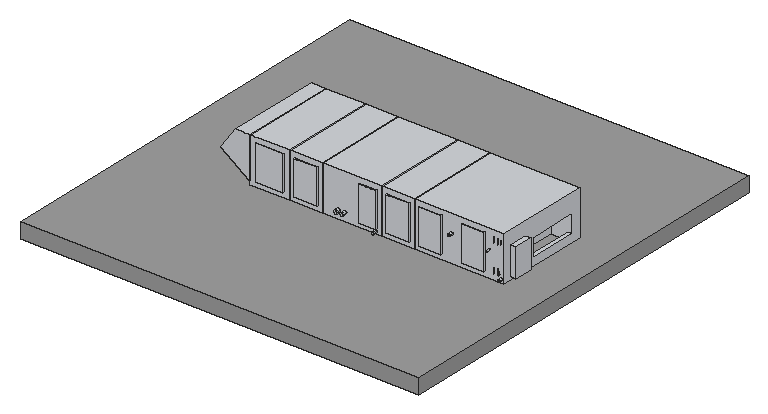
Revit family
Parameters (values of type "6 Row DX-R410")
  Wheel Size [instance] = ""
  Voltage = 480 V
  Unit Weight (lbs) = 3319  # constant formula
  URL = "http://www.appliedair.com"
  Total Static Pressure [instance] = 0.00 in-wg
  Total Heating Capacity [instance] = 0.0 Btu/h
  Total Cooling Capacity [instance] = 0.0 Btu/h
  Temperature Rise [instance] = 0 °F
  Supply Air Pressure Drop [instance] = 0.00 in-wg
  Supply Air Outlet Flow [instance] = 0 CFM
  Supply Air Inlet Flow [instance] = 0 CFM
  Series = "IFL"
  Return Coil Horizontal Offset = 1' - 1"  # constant formula
  Return Air Inlet Flow [instance] = 0 CFM
  Return Air Flow Height = 1' - 8"
  Refrigerant Type = "R410"
  Refrigerant Supply Pressure [instance] = 0.00 psi
  Refrigerant Supply Flow [instance] = 0 GPM
  Refrigerant Return Pressure [instance] = 0.00 psi
  Refrigerant Return Flow [instance] = 0 GPM
  Product URL = "http://www.appliedair.com/ifl.asp"
  Power Vertical Offset = 1' - 2 1/4"
  Power Horizontal Offset = 2' - 6"
  Power Connection Radius = 0' - 0 3/4"
  Phase = 3
  Output Heat [instance] = 0.0 Btu/h
  OmniClass = "23-75 10 24 21 27 17"
  Number of Rows = 6
  Number of Poles = 3
  Nominal Width = 6' - 4"  # constant formula
  Nominal Length = 18' - 11 5/16"  # constant formula
  Nominal Height = 3' - 0"  # constant formula
  Motor Horsepower (HP) [instance] = 0
  Motor Brake Horsepower (BHP) [instance] = 0
  Motor Amps [instance] = 0 A
  Model = "20"
  Minimum Input [instance] = 0.0 Btu/h
  Minimum Air Flow = 1500 CFM
  Maximum Input [instance] = 0.0 Btu/h
  Maximum Air Flow = 5000 CFM
  Manufacturer = "Applied Air"
  M = 3' - 4"  # constant formula
  L = 1' - 2 1/2"  # constant formula
  K = 2' - 4 11/16"  # constant formula
  J = 0' - 6 3/8"  # constant formula
  Heating Leaving Water Temperature [instance] = 0 °F
  Heating Leaving Air Temperature Wet Bulb [instance] = 0 °F
  Heating Leaving Air Temperature Dry Bulb [instance] = 0 °F
  Heating Entering Water Temperature [instance] = 0 °F
  Heating Entering Air Temperature Wet Bulb [instance] = 0 °F
  Heating Entering Air Temperature Dry Bulb [instance] = 0 °F
  Gas Vertical Offset = 1' - 9"  # constant formula
  Gas Horizontal Offset = 0' - 11 1/2"
  Gas Connection Radius = 0' - 0 3/8"  # constant formula
  Condensate Vertical Offset = 0' - 2 3/4"
  Condensate Radius = 0' - 0 3/4"  # constant formula
  Gas Pressure Drop [instance] = 0.00 psi
  Gas Input [instance] = 0.0 Btu/h
  Condensate Drain  Horizontal Offset = 0' - 1 27/32"
  Gas Flow [instance] = 0 GPM
  Condensate Drain Connection Radius = Condensate Radius  # 0' - 0 3/4"
  Furnace Size [instance] = ""
  Frequency = 60 Hz
  Fan Speed (RPM) [instance] = 0
  Face Velocity (FPM) [instance] = 0
  Face Pressure Drop [instance] = 0' - 0"
  Drain Pressure Drop [instance] = 0.00 psi
  Drain Flow [instance] = 0 GPM
  Description = "Dedicated Outside Air Split System"
  Cooling Sensible Capacity [instance] = 0 Btu/h
  Cooling Leaving Air Temperature Wet Bulb [instance] = 0 °F
  Cooling Leaving Air Temperature Dry Bulb [instance] = 0 °F
  Cooling Entering Air Temperature Wet Bulb [instance] = 0 °F
  Cooling Entering Air Temperature Dry Bulb [instance] = 0 °F
  Cooling Coil Radius = 0' 2 1/2" / 2  # 0' - 1 1/4"
  H = 0' - 3 1/16"
  G = 1' - 11 5/16"
  Drain Vertical Offset = 0' - 2"
  Drain Radius = 0' - 1"
  Drain Horizontal Offset = 0' - 5"
  Default Elevation = 4' - 0"
  F = 2' - 2"
  E = 4' - 0"
  D = 5' - 4"
  Combustion Air Flow [instance] = 0 CFM
  Coils Depth = 0' - 3"
  Coil Outlet Vertical Offset = 2' - 5 113/256"  # constant formula
  Coil Face Area = if(Choose Coil Option = 1, 6.00 SF, if(Choose Coil Option = 2, 10.50 SF, 0.00 SF))  # 10.50 SF
  Choose Coil Option = 2
  Coil Inlet Vertical Offsets = 0' - 6 143/256"
  Supply Coil Horizontal Offset = 1' - 6"  # constant formula
  Burner Amps [instance] = 0 A
  B = 6' - 0"
  Assembly Code = "D3030200"
  Apparent Power [instance] = (Motor Amps + Burner Amps) * Voltage * sqrt(3)  # 0 VA
  AHU Material = Galvanized Steel
  24x63 DX Coils = Choose Coil Option = 2  # yes
  24x36 DX Coils = Choose Coil Option = 1  # no
Reference planes (in)
  plane 1 "Center (Front/Back)": y = 0
  plane 2: z = -0.00391
  plane 3 "Center (Left/Right)": x = 0
  plane 4: y = 38
  plane 5: y = -38
  plane 6: x = -24
  plane 7: x = 24
  plane 8: x = 50
  plane 9: z = 35.99609
  plane 10: x = 122
  plane 11: x = -50
  plane 12: x = -82
  plane 13: x = -105.3125
  plane 14: x = -11
  plane 15: x = -6
  plane 16: z = 6.55469
  plane 17: z = 6.55469
  plane 18: y = -41
  plane 19: x = 19
  plane 20: z = 1.99609
  plane 21: x = 80
  plane 22: z = 21.74609
  plane 23: z = 2.74609
  plane 24: x = 120.15625
  plane 25: x = 110.5
  plane 26: z = 20.99609
Forms (in)
  Extrusion 1, solid, material "Default"
    sketch origin (0, 0, 0) x (1, 0, 0) y (0, 1, 0)
      loop
        line (-164.84185, 166) -> (-164.84185, -165.6411) -> (155.35983, -165.6411) -> (155.35983, 166) -> (-164.84185, 166)
    from -0.00391 to -12
  Extrusion 2, solid
    sketch origin (0.62705, 0, 0) x (1, 0, 0) y (0, 0, 1)
      loop
        line (-24.62705, 0) -> (23.37295, 0) -> (23.37295, 35.99609) -> (-24.62705, 35.99609) -> (-24.62705, 0)
    from -38 to 38
  Extrusion 3, solid
    sketch origin (66.62705, 0, 0) x (1, 0, 0) y (0, 0, 1)
      loop
        line (-42.62705, 0) -> (-16.62705, 0) -> (-16.62705, 35.99609) -> (-42.62705, 35.99609) -> (-42.62705, 0)
    from -38 to 38
  Extrusion 4, solid
    sketch origin (120.62705, 0, 0) x (1, 0, 0) y (0, 0, 1)
      loop
        line (-70.62705, 0) -> (1.37295, 0) -> (1.37295, 35.99609) -> (-70.62705, 35.99609) -> (-70.62705, 0)
    from -38 to 38
  Extrusion 5, solid
    sketch origin (-17.37295, 0, 0) x (1, 0, 0) y (0, 0, 1)
      loop
        line (-32.62705, -0.00391) -> (-6.62705, -0.00391) -> (-6.62705, 35.99609) -> (-32.62705, 35.99609) -> (-32.62705, -0.00391)
    from -38 to 38
  Extrusion 6, solid
    sketch origin (-41.37295, 0, 0) x (1, 0, 0) y (0, 0, 1)
      loop
        line (-40.62705, -0.00391) -> (-8.62705, -0.00391) -> (-8.62705, 35.99609) -> (-40.62705, 35.99609) -> (-40.62705, -0.00391)
    from -38 to 38
  Extrusion 7, solid
    sketch origin (0, 0, 0) x (1, 0, 0) y (0, 0, 1)
      loop
        line (-105.3125, 18.99609) -> (-82, 2.99609) -> (-82, 35.99609) -> (-93.64494, 35.99609) -> (-105.3125, 18.99609)
    from -38 to 38
  Extrusion 8, void
    sketch origin (0, 0, 0) x (1, 0, 0) y (0, 1, 0)
      loop
        line (-75, 32) -> (-75, -32) -> (-55, -32) -> (-55, 32) -> (-75, 32)
    from 0 to 31.59567
  Extrusion 9, void
    sketch origin (0, 0, 0) x (0, 1, 0) y (0, 0, 1)
      loop
        line (-32, 9) -> (32, 9) -> (32, 29) -> (-32, 29) -> (-32, 9)
    from -55 to -94.13707
  Extrusion 10, void
    sketch origin (0, 0, 0) x (1, 0, 0) y (0, 1, 0)
      loop
        line (118.9375, -9.3125) -> (118.9375, 30.6875) -> (104.4375, 30.6875) -> (104.4375, -9.3125) -> (118.9375, -9.3125)
    from 0 to 21.23232
  Extrusion 11, void
    sketch origin (0, 0, 0) x (1, 0, 0) y (0, 0, 1)
      loop
        line (122, 6.37109) -> (122, 20.87109) -> (104.4375, 20.87109) -> (104.4375, 6.37109) -> (122, 6.37109)
    from -30.6875 to 9.3125
  Extrusion 12, solid
    sketch origin (0, 0, 0) x (1, 0, 0) y (0, 1, 0)
      loop
        line (122, -17) -> (122, -32) -> (127, -32) -> (127, -17) -> (122, -17)
    from 3.06225 to 25.87762
  Extrusion 13, solid
    sketch origin (0, 0, 0) x (1, 0, 0) y (0, 0, 1)
      loop
        circle (-6, 6.55469) r 1.25
      loop
        circle (-11, 6.55469) r 1.25
      loop
        circle (19, 1.99609) r 1
      loop
        circle (80, 21.74609) r 0.75
      loop
        circle (120.15625, 2.74609) r 0.75
      loop
        circle (110.5, 20.99609) r 0.375
    from 38 to 41
  Extrusion 14, solid
    sketch origin (0, -38, 0) x (1, 0, 0) y (0, 0, 1)
      loop
        line (-55, 31.99609) -> (-77, 31.99609) -> (-77, 3.99609) -> (-55, 3.99609) -> (-55, 31.99609)
      loop
        line (-28, 31.99609) -> (-46, 31.99609) -> (-46, 3.99609) -> (-28, 3.99609) -> (-28, 31.99609)
      loop
        line (20, 31.99609) -> (6, 31.99609) -> (6, 3.99609) -> (20, 3.99609) -> (20, 31.99609)
      loop
        line (46, 31.99609) -> (28, 31.99609) -> (28, 3.99609) -> (46, 3.99609) -> (46, 31.99609)
      loop
        line (72, 31.99609) -> (54, 31.99609) -> (54, 3.99609) -> (72, 3.99609) -> (72, 31.99609)
      loop
        line (107, 31.99609) -> (89, 31.99609) -> (89, 3.99609) -> (107, 3.99609) -> (107, 31.99609)
    from 0 to 1
  Extrusion 15, void
    sketch origin (-0.35783, 0, -2.35783) x (1, 0, 0) y (0, 0, 1)
      loop
        line (114.55215, 32.70523) -> (114.55215, 32.20523) -> (116.80215, 32.20523) -> (116.80215, 32.70523) -> (114.55215, 32.70523)
      loop
        line (117.55215, 32.70523) -> (117.55215, 32.20523) -> (119.80215, 32.20523) -> (119.80215, 32.70523) -> (117.55215, 32.70523)
      loop
        line (114.55215, 33.45523) -> (114.55215, 32.95523) -> (116.80215, 32.95523) -> (116.80215, 33.45523) -> (114.55215, 33.45523)
      loop
        line (117.55215, 33.45523) -> (117.55215, 32.95523) -> (119.80215, 32.95523) -> (119.80215, 33.45523) -> (117.55215, 33.45523)
      loop
        line (114.55215, 31.95523) -> (114.55215, 31.45523) -> (116.80215, 31.45523) -> (116.80215, 31.95523) -> (114.55215, 31.95523)
      loop
        line (117.55215, 31.95523) -> (117.55215, 31.45523) -> (119.80215, 31.45523) -> (119.80215, 31.95523) -> (117.55215, 31.95523)
      loop
        line (114.55215, 31.20523) -> (114.55215, 30.70523) -> (116.80215, 30.70523) -> (116.80215, 31.20523) -> (114.55215, 31.20523)
      loop
        line (117.55215, 31.20523) -> (117.55215, 30.70523) -> (119.80215, 30.70523) -> (119.80215, 31.20523) -> (117.55215, 31.20523)
      loop
        line (114.55215, 30.45523) -> (114.55215, 29.95523) -> (116.80215, 29.95523) -> (116.80215, 30.45523) -> (114.55215, 30.45523)
      loop
        line (117.55215, 30.45523) -> (117.55215, 29.95523) -> (119.80215, 29.95523) -> (119.80215, 30.45523) -> (117.55215, 30.45523)
      loop
        line (114.55215, 29.70523) -> (114.55215, 29.20523) -> (116.80215, 29.20523) -> (116.80215, 29.70523) -> (114.55215, 29.70523)
      loop
        line (117.55215, 29.70523) -> (117.55215, 29.20523) -> (119.80215, 29.20523) -> (119.80215, 29.70523) -> (117.55215, 29.70523)
      loop
        line (114.55215, 7.78696) -> (116.80215, 7.78696) -> (116.80215, 8.28696) -> (114.55215, 8.28696) -> (114.55215, 7.78696)
      loop
        line (117.55215, 7.78696) -> (119.80215, 7.78696) -> (119.80215, 8.28696) -> (117.55215, 8.28696) -> (117.55215, 7.78696)
      loop
        line (114.55215, 7.03696) -> (116.80215, 7.03696) -> (116.80215, 7.53696) -> (114.55215, 7.53696) -> (114.55215, 7.03696)
      loop
        line (117.55215, 7.03696) -> (119.80215, 7.03696) -> (119.80215, 7.53696) -> (117.55215, 7.53696) -> (117.55215, 7.03696)
      loop
        line (114.55215, 8.53696) -> (116.80215, 8.53696) -> (116.80215, 9.03696) -> (114.55215, 9.03696) -> (114.55215, 8.53696)
      loop
        line (117.55215, 8.53696) -> (119.80215, 8.53696) -> (119.80215, 9.03696) -> (117.55215, 9.03696) -> (117.55215, 8.53696)
      loop
        line (114.55215, 9.28696) -> (116.80215, 9.28696) -> (116.80215, 9.78696) -> (114.55215, 9.78696) -> (114.55215, 9.28696)
      loop
        line (117.55215, 9.28696) -> (119.80215, 9.28696) -> (119.80215, 9.78696) -> (117.55215, 9.78696) -> (117.55215, 9.28696)
      loop
        line (114.55215, 10.03696) -> (116.80215, 10.03696) -> (116.80215, 10.53696) -> (114.55215, 10.53696) -> (114.55215, 10.03696)
      loop
        line (117.55215, 10.03696) -> (119.80215, 10.03696) -> (119.80215, 10.53696) -> (117.55215, 10.53696) -> (117.55215, 10.03696)
      loop
        line (114.55215, 10.78696) -> (116.80215, 10.78696) -> (116.80215, 11.28696) -> (114.55215, 11.28696) -> (114.55215, 10.78696)
      loop
        line (117.55215, 10.78696) -> (119.80215, 10.78696) -> (119.80215, 11.28696) -> (117.55215, 11.28696) -> (117.55215, 10.78696)
    from 32 to 38
Cuts and joins
  Extrusion 8, Extrusion 9 cuts Extrusion 6
  Extrusion 9 cuts Extrusion 2
  Extrusion 9 cuts Extrusion 3
  Extrusion 9 cuts Extrusion 7
  Extrusion 10, Extrusion 11, Extrusion 15 cuts Extrusion 4
Dimensions and locks (in)
  "Nominal Width": plane 5 to plane 4
  "E": plane 6 to plane 7
  equal spacing: plane 6, plane 3 "Center (Left/Right)", plane 7
  "Nominal Height": plane 9 to plane 2
  "F": plane 7 to plane 8
  "F": plane 11 to plane 6
  locked: plane 12 to plane 11 at 32
  "B": plane 8 to plane 10
  "G": plane 13 to plane 12
  "D": Extrusion 8 sketch curve to Extrusion 8 sketch curve
  locked: Extrusion 8 sketch curve to Extrusion 8 sketch curve at 20
  locked: Extrusion 9 sketch curve to Extrusion 9 sketch curve at 20
  "D": Extrusion 9 sketch curve to Extrusion 9 sketch curve
  locked: level to Extrusion 9 sketch curve at 9
  "K": plane 5 to Extrusion 10 sketch curve
  "M": Extrusion 10 sketch curve to Extrusion 10 sketch curve
  "H": Extrusion 10 sketch curve to plane 10
  "L": Extrusion 10 sketch curve to Extrusion 10 sketch curve
  "J": Extrusion 11 sketch curve to plane 2
  "L": Extrusion 11 sketch curve to Extrusion 11 sketch curve
  "K": cut or joined group of Extrusion 4, Extrusion 10, Extrusion 11, Extrusion 15 to plane 5
  "M": cut or joined group of Extrusion 4, Extrusion 10, Extrusion 11, Extrusion 15 to cut or joined group of Extrusion 4, Extrusion 10, Extrusion 11, Extrusion 15
  locked: plane 9 to Extrusion 12 at 10.11847
  locked: Extrusion 12 to Extrusion 12 at 22.81538
  locked: Extrusion 12 to plane 2 at 3.06615
  locked: Extrusion 12 to Extrusion 12 at 5
  "Coils Depth": plane 18 to plane 5
  "Coil Inlet Vertical Offsets": plane 16 to plane 2
  "Coil Outlet Vertical Offset": plane 9 to plane 17
  "Return Coil Horizontal Offset": plane 6 to plane 14
  "Supply Coil Horizontal Offset": plane 6 to plane 15
  "Drain Vertical Offset": plane 20 to plane 2
  "Drain Horizontal Offset": plane 19 to plane 7
  locked: plane 12 to Extrusion 14 sketch curve at 5
  locked: Extrusion 14 sketch curve to plane 11 at 5
  locked: plane 9 to Extrusion 14 sketch curve at 4  (x6)
  locked: Extrusion 14 sketch curve to plane 2 at 4  (x6)
  locked: plane 11 to Extrusion 14 sketch curve at 4
  locked: Extrusion 14 sketch curve to plane 6 at 4
  locked: plane 6 to Extrusion 14 sketch curve at 30
  locked: Extrusion 14 sketch curve to plane 7 at 4
  locked: plane 7 to Extrusion 14 sketch curve at 4
  locked: Extrusion 14 sketch curve to plane 8 at 4
  locked: plane 8 to Extrusion 14 sketch curve at 4
  locked: Extrusion 14 sketch curve to Extrusion 14 sketch curve at 17
  locked: Extrusion 14 sketch curve to plane 10 at 15
  "Power Vertical Offset": plane 9 to plane 22
  "Power Horizontal Offset": plane 8 to plane 21
  locked: Extrusion 14 to plane 5 at 1
  "Condensate Vertical Offset": plane 23 to plane 2
  plane 13 to plane 10 = 18' - 11 5/16"
  "Condensate Drain  Horizontal Offset": plane 24 to plane 10
  "Gas Vertical Offset": plane 26 to plane 2
  "Gas Horizontal Offset": plane 25 to plane 10
  locked: Extrusion 13 sketch curve to plane 14 at 0
  locked: Extrusion 13 sketch curve to plane 15 at 0
  locked: Extrusion 13 sketch curve to plane 19 at 0
  locked: Extrusion 13 sketch curve to plane 21 at 0
  locked: Extrusion 13 sketch curve to plane 25 at 0
  locked: Extrusion 13 sketch curve to plane 23 at 0
  locked: Extrusion 13 sketch curve to plane 24 at 0
  locked: Extrusion 13 sketch curve to plane 20 at 0
  locked: Extrusion 13 sketch curve to plane 16 at 0
  locked: Extrusion 13 sketch curve to plane 26 at 0
  locked: Extrusion 13 sketch curve to plane 22 at 0
  locked: Extrusion 13 sketch curve to plane 17 at 0
  "Cooling Coil Radius": radius of Extrusion 13 sketch curve  (x2)
  "Drain Radius": radius of Extrusion 13 sketch curve
  "Power Connection Radius": radius of Extrusion 13 sketch curve
  "Condensate Drain Connection Radius": radius of Extrusion 13 sketch curve
  "Gas Connection Radius": radius of Extrusion 13 sketch curve
  aligned and locked: plane 2 to Extrusion 1
  aligned and locked: Extrusion 2 to plane 4
  aligned and locked: plane 5 to Extrusion 2
  aligned and locked: plane 6 to Extrusion 2
  aligned and locked: plane 7 to Extrusion 2
  aligned and locked: plane 7 to Extrusion 3
  aligned and locked: Extrusion 3 to plane 8
  aligned and locked: plane 9 to Extrusion 2
  aligned and locked: Extrusion 3 to Extrusion 2
  aligned and locked: plane 5 to Extrusion 3
  aligned and locked: Extrusion 3 to plane 4
  aligned and locked: Extrusion 4 to plane 9
  aligned and locked: plane 8 to Extrusion 4
  aligned and locked: Extrusion 4 to plane 10
  aligned and locked: plane 5 to Extrusion 4
  aligned and locked: Extrusion 4 to plane 4
  aligned and locked: Extrusion 5 to plane 6
  aligned and locked: plane 11 to Extrusion 5
  aligned and locked: Extrusion 5 to plane 9
  aligned and locked: Extrusion 5 to plane 2
  aligned and locked: Extrusion 5 to plane 4
  aligned and locked: plane 5 to Extrusion 5
  aligned and locked: plane 5 to Extrusion 6
  aligned and locked: Extrusion 6 to plane 4
  aligned and locked: plane 12 to Extrusion 6
  aligned and locked: Extrusion 6 to plane 11
  aligned and locked: Extrusion 6 to plane 9
  aligned and locked: Extrusion 6 to plane 2
  aligned and locked: Extrusion 7 to plane 9
  aligned and locked: plane 13 to Extrusion 7
  aligned and locked: Extrusion 7 to plane 12
  aligned and locked: Extrusion 7 to plane 4
  aligned and locked: plane 5 to Extrusion 7
  aligned and locked: cut or joined group of Extrusion 6, Extrusion 8, Extrusion 9 to Extrusion 9 sketch curve
  aligned and locked: cut or joined group of Extrusion 6, Extrusion 8, Extrusion 9 to Extrusion 9
  aligned and locked: Extrusion 10 to level
  aligned and locked: cut or joined group of Extrusion 4, Extrusion 10, Extrusion 11, Extrusion 15 to Extrusion 11 sketch curve
  aligned and locked: plane 10 to Extrusion 11 sketch curve
  aligned and locked: plane 10 to Extrusion 12
  aligned and locked: plane 5 to Extrusion 13
  aligned and locked: plane 18 to Extrusion 13
  aligned and locked: Extrusion 14 to plane 5
  aligned and locked: cut or joined group of Extrusion 4, Extrusion 10, Extrusion 11, Extrusion 15 to plane 5
Automatic sketch dimensions
  Extrusion 1 sketch curve to Extrusion 1 sketch curve = 26' - 8.20168"
  Extrusion 1 sketch curve to Extrusion 1 sketch curve = 27' - 7.6411"
  Extrusion 2 sketch curve to level = 0' - 0"
  Extrusion 2 sketch curve to plane 6 = 0' - 0"
  Extrusion 2 sketch curve to plane 7 = 0' - 0"
  Extrusion 2 sketch curve to plane 9 = 0' - 0"
  Extrusion 3 sketch curve to level = 0' - 0"
  Extrusion 3 sketch curve to plane 7 = 0' - 0"
  Extrusion 3 sketch curve to plane 8 = 0' - 0"
  Extrusion 3 sketch curve to plane 9 = 0' - 0"
  Extrusion 4 sketch curve to level = 0' - 0"
  Extrusion 4 sketch curve to plane 8 = 0' - 0"
  Extrusion 4 sketch curve to plane 9 = 0' - 0"
  Extrusion 4 sketch curve to plane 10 = 0' - 0"
  Extrusion 5 sketch curve to plane 2 = 0' - 0"
  Extrusion 5 sketch curve to plane 11 = 0' - 0"
  Extrusion 5 sketch curve to plane 6 = 0' - 0"
  Extrusion 5 sketch curve to plane 9 = 0' - 0"
  Extrusion 6 sketch curve to plane 2 = 0' - 0"
  Extrusion 6 sketch curve to plane 12 = 0' - 0"
  Extrusion 6 sketch curve to plane 9 = 0' - 0"
  Extrusion 6 sketch curve to plane 11 = 0' - 0"
  Extrusion 7 sketch curve to plane 13 = 0' - 0"
  Extrusion 7 sketch curve to plane 9 = 0' - 0"
  Extrusion 7 sketch curve to plane 12 = 0' - 0"
  plane 12 to Extrusion 7 sketch curve = 0' - 11.64494"
  Extrusion 8 sketch curve to plane 12 = 0' - 7"
  Extrusion 8 sketch curve to plane 5 = 0' - 6"
  Extrusion 12 sketch curve to plane 10 = 0' - 0"
  Extrusion 12 sketch curve to plane 10 = 0' - 5"
  Extrusion 12 sketch curve to plane 5 = 0' - 6"
  Extrusion 12 sketch curve to Extrusion 12 sketch curve = 1' - 3"
  Extrusion 14 sketch curve to Extrusion 14 sketch curve = 1' - 6"
  Extrusion 15 sketch curve to Extrusion 15 sketch curve = 0' - 0"  (x41)
  Extrusion 15 sketch curve to Extrusion 15 sketch curve = 0' - 0 1/2"  (x23)
  Extrusion 15 sketch curve to Extrusion 15 sketch curve = 0' - 0 1/4"  (x20)
  plane 26 to Extrusion 7 sketch curve = 0' - 2"
  Extrusion 15 sketch curve to Extrusion 15 sketch curve = 0' - 2 1/4"  (x5)
  Extrusion 15 sketch curve to Extrusion 15 sketch curve = 0' - 0 3/4"  (x4)
  plane 9 to Extrusion 15 sketch curve = 2' - 7.31696"
  Extrusion 15 sketch curve to Extrusion 15 sketch curve = 1' - 5.91827"
  plane 10 to Extrusion 15 sketch curve = 0' - 7.80568"
Connectors (in)
  hvac at (-93.65625, 0, 10.99609), driven by "D", driven by "Return Air Flow Height", driven by "Supply Air Inlet Flow"
    settings: on cut or joined group of Extrusion 7, Extrusion 9, index 1
  hvac at (-65, 0, -0.00391), driven by "D", driven by "Return Air Flow Height", driven by "Return Air Inlet Flow"
    settings: on cut or joined group of Extrusion 6, Extrusion 8, Extrusion 9, index 2
  hvac at (111.6875, 10.6875, 0), driven by "M", driven by "L", driven by "Supply Air Outlet Flow"
    settings: on cut or joined group of Extrusion 4, Extrusion 10, Extrusion 11, Extrusion 15, index 3
  hvac at (122, 10.6875, 13.62109), driven by "M", driven by "L", driven by "Supply Air Outlet Flow"
    settings: on cut or joined group of Extrusion 4, Extrusion 10, Extrusion 11, Extrusion 15, index 4
  piping at (-11, -41, 6.55469), driven by "Cooling Coil Radius", driven by "Refrigerant Return Flow", driven by "Refrigerant Return Pressure"
    settings: on Extrusion 13, index 5
  piping at (-6, -41, 6.55469), driven by "Cooling Coil Radius", driven by "Refrigerant Supply Flow", driven by "Refrigerant Supply Pressure"
    settings: on Extrusion 13, index 6
  piping at (19, -41, 1.99609), driven by "Drain Radius", driven by "Drain Flow"
    settings: on Extrusion 13, index 7
  electrical at (80, -41, 21.74609), driven by "Number of Poles", driven by "Apparent Power", driven by "Voltage"
    settings: on Extrusion 13, index 8
  piping at (120.15625, -41, 2.74609), driven by "Condensate Radius", driven by "Drain Flow", driven by "Gas Pressure Drop"
    settings: on Extrusion 13, index 9
  piping at (110.5, -41, 20.99609), driven by "Gas Connection Radius", driven by "Gas Flow"
    settings: on Extrusion 13, index 10
